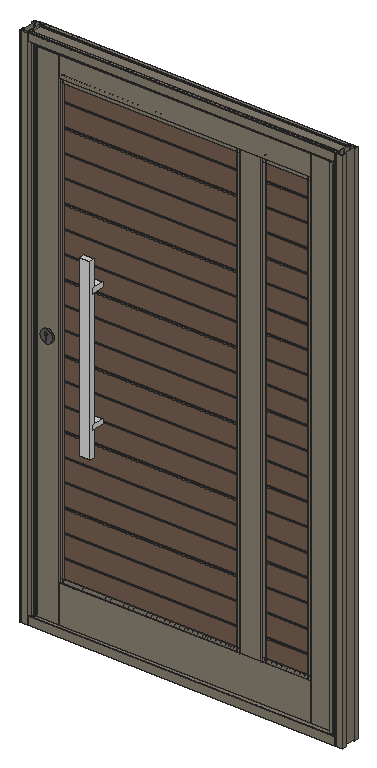
Revit family "Y1321P Y4 BZ K RH", category Doors, host Wall, Revit 2024
Family settings
  Host = Wall
  OmniClass Number = 23.30.10.00
  OmniClass Title = Doors
  Always vertical = Yes
  Cut with Voids When Loaded = No
  Shared = No
  Room Calculation Point = No
Parameters
  Function = Interior
  Frame Projection Ext. = 25 mm
  Frame Projection Int. = 25 mm
  Frame Width = 75 mm
  Height = 2120 mm
  Wall Closure = By host
  Width = 1290 mm
  Analytic Construction = "<None>"
Reference planes
  plane 1: y = 0
  plane 2 "Center (Left/Right)": x = 0
  plane 3 "Left": x = -645
  plane 4 "Right": x = 645
  plane 5: z = 2120
  plane 6 "Exterior": y = 75
  plane 7 "Interior": y = -75
Forms (mm)
  Sweep 1, solid, material "BRONZE ALUMINIUM MANUAL"
    path origin (0, 75, 0) x (1, 0, 0) y (0, 0, 1)
      loop
        line (-601.2, 30) -> (-601.2, 2075) -> (600, 2075) -> (600, 30)
    profile origin (-0.6, 75, 2075) x (0, 0, 1) y (0, -1, 0)
      loop
        line (15, 55) -> (2.8, 55) -> (2.8, 61.5) -> (0.5, 61.5) -> (0.5, 88.5) -> (2.8, 88.5) -> (2.8, 95) -> (15, 95) -> (15, 97) -> (-0.5, 97)
        arc (-0.5, 97) -> (-1.207, 96.707) -> (-1.5, 96) r 1
        line (-1.5, 96) -> (-1.5, 93.9) -> (-0.5, 93.9) -> (-0.5, 95) -> (1, 95) -> (1, 90.5) -> (-0.5, 90.5) -> (-0.5, 91.631) -> (-1.5, 91.631) -> (-1.5, 58.369) -> (-0.5, 58.369) -> (-0.5, 59.5) -> (1, 59.5) -> (1, 55) -> (-0.5, 55) -> (-0.5, 56.1) -> (-1.5, 56.1) -> (-1.5, 54)
        arc (-1.5, 54) -> (-1.207, 53.293) -> (-0.5, 53) r 1
        line (-0.5, 53) -> (15, 53) -> (15, 55)
  Extrusion 2, solid, material "BRONZE ALUMINIUM MANUAL"
    sketch origin (0, 0, 0) x (0, 1, 0) y (0, 0, 1)
      loop
        line (37.5, 2120) -> (22, 2120) -> (22, 2118.5) -> (24.5, 2118.5) -> (24.5, 2115.5) -> (-24.5, 2115.5) -> (-24.5, 2118.5) -> (-22, 2118.5) -> (-22, 2120) -> (-37.5, 2120) -> (-37.5, 2090) -> (-4.189, 2090) -> (7.651, 2090) -> (37.5, 2090) -> (37.5, 2120)
      loop
        line (32.168, 2118.2) -> (30.896, 2116.928) -> (29.5, 2118.324) -> (28, 2116.824) -> (26.3, 2118.524) -> (26.3, 2115.8)
        arc (26.3, 2115.8) -> (25.685, 2114.315) -> (24.2, 2113.7) r 2.1
        line (24.2, 2113.7) -> (-24.2, 2113.7)
        arc (-24.2, 2113.7) -> (-25.685, 2114.315) -> (-26.3, 2115.8) r 2.1
        line (-26.3, 2115.8) -> (-26.3, 2118.524) -> (-28, 2116.824) -> (-29.5, 2118.324) -> (-30.896, 2116.928) -> (-32.168, 2118.2) -> (-35.6, 2118.2) -> (-35.6, 2091.8) -> (-32.168, 2091.8) -> (-30.896, 2093.072) -> (-29.5, 2091.676) -> (-28, 2093.176) -> (-26.624, 2091.8) -> (-19.438, 2091.8) -> (26.624, 2091.8) -> (28, 2093.176) -> (29.5, 2091.676) -> (30.896, 2093.072) -> (32.168, 2091.8) -> (35.6, 2091.8) -> (35.6, 2118.2) -> (32.168, 2118.2)
      loop
        line (37.5, 0) -> (37.5, 30) -> (7.651, 30) -> (-4.189, 30) -> (-37.5, 30) -> (-37.5, 0) -> (-22, 0) -> (-22, 1.5) -> (-24.5, 1.5) -> (-24.5, 4.5) -> (24.5, 4.5) -> (24.5, 1.5) -> (22, 1.5) -> (22, 0) -> (37.5, 0)
      loop
        line (32.168, 1.8) -> (35.6, 1.8) -> (35.6, 28.2) -> (32.168, 28.2) -> (30.896, 26.928) -> (29.5, 28.324) -> (28, 26.824) -> (26.624, 28.2) -> (-19.438, 28.2) -> (-26.624, 28.2) -> (-28, 26.824) -> (-29.5, 28.324) -> (-30.896, 26.928) -> (-32.168, 28.2) -> (-35.6, 28.2) -> (-35.6, 1.8) -> (-32.168, 1.8) -> (-30.896, 3.072) -> (-29.5, 1.676) -> (-28, 3.176) -> (-26.3, 1.476) -> (-26.3, 4.2)
        arc (-26.3, 4.2) -> (-25.685, 5.685) -> (-24.2, 6.3) r 2.1
        line (-24.2, 6.3) -> (24.2, 6.3)
        arc (24.2, 6.3) -> (25.685, 5.685) -> (26.3, 4.2) r 2.1
        line (26.3, 4.2) -> (26.3, 1.476) -> (28, 3.176) -> (29.5, 1.676) -> (30.896, 3.072) -> (32.168, 1.8)
    from -615 to 615
  Extrusion 3, solid, material "BRONZE ALUMINIUM MANUAL"
    sketch origin (0, 0, 30) x (1, 0, 0) y (0, 1, 0)
      loop
        arc (598.5, 21) -> (597.5, 22) -> (596.5, 21) r 1
        line (596.5, 21) -> (596.5, -21.179)
        arc (596.5, -21.179) -> (596.26, -21.76) -> (595.679, -22) r 0.821
        line (595.679, -22) -> (584.5, -22)
        arc (584.5, -22) -> (583.5, -23) -> (584.5, -24) r 1
        line (584.5, -24) -> (597.679, -24)
        arc (597.679, -24) -> (598.26, -23.76) -> (598.5, -23.179) r 0.821
        line (598.5, -23.179) -> (598.5, 21)
      loop
        arc (-599.7, -21) -> (-598.7, -22) -> (-597.7, -21) r 1
        line (-597.7, -21) -> (-597.7, 21.179)
        arc (-597.7, 21.179) -> (-597.459, 21.76) -> (-596.879, 22) r 0.821
        line (-596.879, 22) -> (-585.7, 22)
        arc (-585.7, 22) -> (-584.7, 23) -> (-585.7, 24) r 1
        line (-585.7, 24) -> (-598.879, 24)
        arc (-598.879, 24) -> (-599.459, 23.76) -> (-599.7, 23.179) r 0.821
        line (-599.7, 23.179) -> (-599.7, -21)
    from 0 to 2043.5
  Extrusion 4, solid, material "BRONZE ALUMINIUM MANUAL"
    sketch origin (0, 0, 0) x (1, 0, 0) y (0, 1, 0)
      loop
        line (-645, 37.5) -> (-645, 22) -> (-643.5, 22) -> (-643.5, 24.5) -> (-640.5, 24.5) -> (-640.5, -24.5) -> (-643.5, -24.5) -> (-643.5, -22) -> (-645, -22) -> (-645, -37.5) -> (-615, -37.5) -> (-615, -17) -> (-615.993, -17) -> (-616.394, -18.496) -> (-617.6, -18.496) -> (-617.6, -0.254) -> (-616.306, -0.254) -> (-616.066, -3) -> (-615, -3) -> (-615, 37.5) -> (-645, 37.5)
      loop
        line (-616.8, 26.624) -> (-618.176, 28) -> (-616.676, 29.5) -> (-618.072, 30.896) -> (-616.8, 32.168) -> (-616.8, 35.6) -> (-643.2, 35.6) -> (-643.2, 32.168) -> (-641.928, 30.896) -> (-643.324, 29.5) -> (-641.824, 28) -> (-643.524, 26.3) -> (-640.8, 26.3)
        arc (-640.8, 26.3) -> (-639.315, 25.685) -> (-638.7, 24.2) r 2.1
        line (-638.7, 24.2) -> (-638.7, -24.2)
        arc (-638.7, -24.2) -> (-639.315, -25.685) -> (-640.8, -26.3) r 2.1
        line (-640.8, -26.3) -> (-643.524, -26.3) -> (-641.824, -28) -> (-643.324, -29.5) -> (-641.928, -30.896) -> (-643.2, -32.168) -> (-643.2, -35.6) -> (-616.8, -35.6) -> (-616.8, -32.168) -> (-618.072, -30.896) -> (-616.676, -29.5) -> (-618.176, -28) -> (-616.8, -26.624) -> (-616.8, -20.239)
        arc (-616.8, -20.239) -> (-618.596, -19.852) -> (-619.4, -18.2) r 2.1
        line (-619.4, -18.2) -> (-619.4, -0.55)
        arc (-619.4, -0.55) -> (-618.596, 1.102) -> (-616.8, 1.49) r 2.1
        line (-616.8, 1.49) -> (-616.8, 26.624)
      loop
        line (645, 37.5) -> (615, 37.5) -> (615, -3) -> (616.066, -3) -> (616.306, -0.254) -> (617.6, -0.254) -> (617.6, -18.496) -> (616.394, -18.496) -> (615.993, -17) -> (615, -17) -> (615, -37.5) -> (645, -37.5) -> (645, -22) -> (643.5, -22) -> (643.5, -24.5) -> (640.5, -24.5) -> (640.5, 24.5) -> (643.5, 24.5) -> (643.5, 22) -> (645, 22) -> (645, 37.5)
      loop
        line (616.8, 26.624) -> (616.8, 1.49)
        arc (616.8, 1.49) -> (618.596, 1.102) -> (619.4, -0.55) r 2.1
        line (619.4, -0.55) -> (619.4, -18.2)
        arc (619.4, -18.2) -> (618.596, -19.852) -> (616.8, -20.239) r 2.1
        line (616.8, -20.239) -> (616.8, -26.624) -> (618.176, -28) -> (616.676, -29.5) -> (618.072, -30.896) -> (616.8, -32.168) -> (616.8, -35.6) -> (643.2, -35.6) -> (643.2, -32.168) -> (641.928, -30.896) -> (643.324, -29.5) -> (641.824, -28) -> (643.524, -26.3) -> (640.8, -26.3)
        arc (640.8, -26.3) -> (639.315, -25.685) -> (638.7, -24.2) r 2.1
        line (638.7, -24.2) -> (638.7, 24.2)
        arc (638.7, 24.2) -> (639.315, 25.685) -> (640.8, 26.3) r 2.1
        line (640.8, 26.3) -> (643.524, 26.3) -> (641.824, 28) -> (643.324, 29.5) -> (641.928, 30.896) -> (643.2, 32.168) -> (643.2, 35.6) -> (616.8, 35.6) -> (616.8, 32.168) -> (618.072, 30.896) -> (616.676, 29.5) -> (618.176, 28) -> (616.8, 26.624)
    from 0 to 2120
  Extrusion 5, solid, material "BRONZE ALUMINIUM MANUAL"
    sketch origin (0, 0, -6.5) x (-1, 0, 0) y (0, -1, 0)
      loop
        line (503.5, -22) -> (591.7, -22)
        arc (591.7, -22) -> (592.973, -21.473) -> (593.5, -20.2) r 1.8
        line (593.5, -20.2) -> (593.5, -19.4)
        arc (593.5, -19.4) -> (593, -18.9) -> (592.5, -19.4) r 0.5
        line (592.5, -19.4) -> (592.5, -20.4) -> (591, -20.4) -> (591, -12.8) -> (592.5, -12.8) -> (592.5, -13.8)
        arc (592.5, -13.8) -> (593, -14.3) -> (593.5, -13.8) r 0.5
        line (593.5, -13.8) -> (593.5, 13.8)
        arc (593.5, 13.8) -> (593, 14.3) -> (592.5, 13.8) r 0.5
        line (592.5, 13.8) -> (592.5, 12.8) -> (591, 12.8) -> (591, 20.4) -> (592.5, 20.4) -> (592.5, 19.4)
        arc (592.5, 19.4) -> (593, 18.9) -> (593.5, 19.4) r 0.5
        line (593.5, 19.4) -> (593.5, 20.2)
        arc (593.5, 20.2) -> (592.973, 21.473) -> (591.7, 22) r 1.8
        line (591.7, 22) -> (503.5, 22) -> (503.5, 17) -> (488.5, 17) -> (488.5, 14) -> (489.7, 14) -> (489.7, 15.6) -> (492.2, 15.6) -> (492.893, 15.2) -> (503.5, 15.2) -> (503.5, 2) -> (504.475, 2) -> (504.737, 5) -> (506.1, 5) -> (506.1, -6.618) -> (506.1, -13.5) -> (504.606, -13.5) -> (504.475, -12) -> (503.5, -12) -> (503.5, -22)
      loop
        line (589.2, -20.2) -> (589.2, -12.2)
        arc (589.2, -12.2) -> (589.493, -11.493) -> (590.2, -11.2) r 1
        line (590.2, -11.2) -> (591.5, -11.2) -> (591.5, 11.2) -> (590.2, 11.2)
        arc (590.2, 11.2) -> (589.493, 11.493) -> (589.2, 12.2) r 1
        line (589.2, 12.2) -> (589.2, 20.2) -> (505.3, 20.2) -> (505.3, 17.092) -> (505.3, 6.8) -> (506.5, 6.8)
        arc (506.5, 6.8) -> (507.49, 6.39) -> (507.9, 5.4) r 1.4
        line (507.9, 5.4) -> (507.9, -13.9)
        arc (507.9, -13.9) -> (507.49, -14.89) -> (506.5, -15.3) r 1.4
        line (506.5, -15.3) -> (505.3, -15.3) -> (505.3, -20.2) -> (589.2, -20.2)
      loop
        line (-503.5, -22) -> (-503.5, -12) -> (-504.475, -12) -> (-504.606, -13.5) -> (-506.1, -13.5) -> (-506.1, -7.077) -> (-506.1, 5) -> (-504.737, 5) -> (-504.475, 2) -> (-503.5, 2) -> (-503.5, 15.2) -> (-492.893, 15.2) -> (-492.2, 15.6) -> (-489.7, 15.6) -> (-489.7, 14) -> (-488.5, 14) -> (-488.5, 17) -> (-503.5, 17) -> (-503.5, 22) -> (-591.7, 22)
        arc (-591.7, 22) -> (-592.973, 21.473) -> (-593.5, 20.2) r 1.8
        line (-593.5, 20.2) -> (-593.5, 19.4)
        arc (-593.5, 19.4) -> (-593, 18.9) -> (-592.5, 19.4) r 0.5
        line (-592.5, 19.4) -> (-592.5, 20.4) -> (-591, 20.4) -> (-591, 12.8) -> (-592.5, 12.8) -> (-592.5, 13.8)
        arc (-592.5, 13.8) -> (-593, 14.3) -> (-593.5, 13.8) r 0.5
        line (-593.5, 13.8) -> (-593.5, -13.8)
        arc (-593.5, -13.8) -> (-593, -14.3) -> (-592.5, -13.8) r 0.5
        line (-592.5, -13.8) -> (-592.5, -12.8) -> (-591, -12.8) -> (-591, -20.4) -> (-592.5, -20.4) -> (-592.5, -19.4)
        arc (-592.5, -19.4) -> (-593, -18.9) -> (-593.5, -19.4) r 0.5
        line (-593.5, -19.4) -> (-593.5, -20.2)
        arc (-593.5, -20.2) -> (-592.973, -21.473) -> (-591.7, -22) r 1.8
        line (-591.7, -22) -> (-503.5, -22)
      loop
        line (-589.2, -20.2) -> (-505.3, -20.2) -> (-505.3, -15.3) -> (-506.5, -15.3)
        arc (-506.5, -15.3) -> (-507.49, -14.89) -> (-507.9, -13.9) r 1.4
        line (-507.9, -13.9) -> (-507.9, 5.4)
        arc (-507.9, 5.4) -> (-507.49, 6.39) -> (-506.5, 6.8) r 1.4
        line (-506.5, 6.8) -> (-505.3, 6.8) -> (-505.3, 17.092) -> (-505.3, 20.2) -> (-589.2, 20.2) -> (-589.2, 12.2)
        arc (-589.2, 12.2) -> (-589.493, 11.493) -> (-590.2, 11.2) r 1
        line (-590.2, 11.2) -> (-591.5, 11.2) -> (-591.5, -11.2) -> (-590.2, -11.2)
        arc (-590.2, -11.2) -> (-589.493, -11.493) -> (-589.2, -12.2) r 1
        line (-589.2, -12.2) -> (-589.2, -20.2)
    from 40 to 2080
  Sweep 6, solid, material "BRONZE ALUMINIUM MANUAL"
    path origin (0, 75, -6.5) x (-1, 0, 0) y (0, 0, -1)
      loop
        line (503.5, -1996.1) -> (503.5, -190) -> (-220, -190) -> (-220, -1996.1) -> (503.5, -1996.1)
    profile origin (-141.75, 75, 1989.6) x (0, 0, 1) y (0, -1, 0)
      loop
        line (0, 53.6) -> (0, 63) -> (1.1, 63)
        arc (1.1, 63) -> (1.85, 62.492) -> (2.6, 63) r 0.808
        line (2.6, 63) -> (2.6, 79)
        arc (2.6, 79) -> (2.1, 79.5) -> (1.6, 79) r 0.5
        line (1.6, 79) -> (1.6, 75.5) -> (0.6, 75.5) -> (0.6, 65) -> (-1.9, 65) -> (-1.9, 55) -> (-6.3, 55) -> (-6.9, 58) -> (-8.9, 58) -> (-8.9, 57) -> (-7.9, 57) -> (-7.5, 55) -> (-11.8, 55) -> (-11.4, 57) -> (-10.4, 57) -> (-10.4, 58) -> (-12.4, 58) -> (-13, 55) -> (-14.4, 55) -> (-14.4, 57.5)
        arc (-14.4, 57.5) -> (-14.9, 58) -> (-15.4, 57.5) r 0.5
        line (-15.4, 57.5) -> (-15.4, 53.6)
        arc (-15.4, 53.6) -> (-15.224, 53.176) -> (-14.8, 53) r 0.6
        line (-14.8, 53) -> (-0.6, 53)
        arc (-0.6, 53) -> (-0.176, 53.176) -> (0, 53.6) r 0.6
  Sweep 7, solid, material "BRONZE ALUMINIUM MANUAL"
    path origin (0.008, 75, 1533.5) x (-1, 0, 0) y (0, 0, -1)
      loop
        line (-304.992, -455) -> (-304.992, 1350) -> (-503.5, 1350) -> (-503.5, -455) -> (-304.992, -455)
    profile origin (404.254, 75, 1988.5) x (0, 0, 1) y (0, -1, 0)
      loop
        line (0, 53.6) -> (0, 63) -> (1.1, 63)
        arc (1.1, 63) -> (1.85, 62.492) -> (2.6, 63) r 0.808
        line (2.6, 63) -> (2.6, 79)
        arc (2.6, 79) -> (2.1, 79.5) -> (1.6, 79) r 0.5
        line (1.6, 79) -> (1.6, 75.5) -> (0.6, 75.5) -> (0.6, 65) -> (-1.9, 65) -> (-1.9, 55) -> (-6.3, 55) -> (-6.9, 58) -> (-8.9, 58) -> (-8.9, 57) -> (-7.9, 57) -> (-7.5, 55) -> (-11.8, 55) -> (-11.4, 57) -> (-10.4, 57) -> (-10.4, 58) -> (-12.4, 58) -> (-13, 55) -> (-14.4, 55) -> (-14.4, 57.5)
        arc (-14.4, 57.5) -> (-14.9, 58) -> (-15.4, 57.5) r 0.5
        line (-15.4, 57.5) -> (-15.4, 53.6)
        arc (-15.4, 53.6) -> (-15.224, 53.176) -> (-14.8, 53) r 0.6
        line (-14.8, 53) -> (-0.6, 53)
        arc (-0.6, 53) -> (-0.176, 53.176) -> (0, 53.6) r 0.6
  Extrusion 8, solid, material "ALUMINIUM BLACK (TEST)"
    sketch origin (350.722, 27.873, -83.123) x (1, 0, 0) y (0, 0, 1)
      loop
        circle (-896.954, 1135.623) r 25
    from 0 to 5
  Extrusion 9, solid, material "ALUMINIUM BLACK (TEST)"
    sketch origin (350.722, -27.873, -83.123) x (1, 0, 0) y (0, 0, -1)
      loop
        circle (-896.954, -1135.623) r 25
    from 0 to 5
  Extrusion 10, void
    sketch origin (85.5, 67.873, -83.123) x (1, 0, 0) y (0, 0, 1)
      loop
        arc (-634.732, 1122.18) -> (-631.732, 1119.18) -> (-628.732, 1122.18) r 3
        line (-628.732, 1122.18) -> (-628.732, 1136.773)
        arc (-628.732, 1136.773) -> (-631.732, 1150.865) -> (-634.732, 1136.773) r 7.365
        line (-634.732, 1136.773) -> (-634.732, 1122.18)
    from 40 to 45
  Extrusion 11, void
    sketch origin (85.5, -67.873, -83.123) x (1, 0, 0) y (0, 0, -1)
      loop
        line (-634.732, -1122.18) -> (-634.732, -1136.773)
        arc (-634.732, -1136.773) -> (-631.732, -1150.865) -> (-628.732, -1136.773) r 7.365
        line (-628.732, -1136.773) -> (-628.732, -1122.18)
        arc (-628.732, -1122.18) -> (-631.732, -1119.18) -> (-634.732, -1122.18) r 3
    from 40 to 45
  Extrusion 12, solid, material "BRONZE ALUMINIUM MANUAL"
    sketch origin (-4982.033, 0, 3177.001) x (0, -1, 0) y (1, 0, 0)
      loop
        line (22, 5202.033) -> (22, 5287.033) -> (17, 5287.033) -> (17, 5302.033) -> (14, 5302.033) -> (14, 5300.833) -> (15.6, 5300.833) -> (15.6, 5298.333) -> (15.2, 5297.641) -> (15.2, 5287.033) -> (2, 5287.033) -> (2, 5286.058) -> (5, 5285.796) -> (5, 5284.433) -> (-13.5, 5284.433) -> (-13.5, 5285.927) -> (-12, 5286.058) -> (-12, 5287.033) -> (-22, 5287.033) -> (-22, 5202.033) -> (-12, 5202.033) -> (-12, 5203.008) -> (-13.5, 5203.139) -> (-13.5, 5204.633) -> (5, 5204.633) -> (5, 5203.271) -> (2, 5203.008) -> (2, 5202.033) -> (15.2, 5202.033) -> (15.2, 5191.133) -> (15.6, 5190.441) -> (15.6, 5188.233) -> (14, 5188.233) -> (14, 5187.033) -> (17, 5187.033) -> (17, 5202.033) -> (22, 5202.033)
      loop
        line (20.2, 5285.233) -> (6.8, 5285.233) -> (6.8, 5284.033)
        arc (6.8, 5284.033) -> (6.39, 5283.043) -> (5.4, 5282.633) r 1.4
        line (5.4, 5282.633) -> (-13.9, 5282.633)
        arc (-13.9, 5282.633) -> (-14.89, 5283.043) -> (-15.3, 5284.033) r 1.4
        line (-15.3, 5284.033) -> (-15.3, 5285.233) -> (-20.2, 5285.233) -> (-20.2, 5203.833) -> (-15.3, 5203.833) -> (-15.3, 5205.033)
        arc (-15.3, 5205.033) -> (-14.89, 5206.023) -> (-13.9, 5206.433) r 1.4
        line (-13.9, 5206.433) -> (5.4, 5206.433)
        arc (5.4, 5206.433) -> (6.39, 5206.023) -> (6.8, 5205.033) r 1.4
        line (6.8, 5205.033) -> (6.8, 5203.833) -> (16.581, 5203.833) -> (20.2, 5203.833) -> (20.2, 5285.233)
    from -2993.501 to -1188.501
  Extrusion 13, solid, material "BRONZE ALUMINIUM MANUAL"
    sketch origin (0, 0, -6.5) x (0, 1, 0) y (0, 0, -1)
      loop
        line (20.25, -77.453) -> (19.7, -76.5) -> (19.7, -73.5) -> (20.25, -72.547) -> (20.25, -61.8) -> (-20.25, -61.8) -> (-20.25, -72.547) -> (-19.7, -73.5) -> (-19.7, -76.5) -> (-20.25, -77.453) -> (-20.25, -172.747) -> (-19.7, -173.7) -> (-19.7, -176.7) -> (-20.25, -177.653) -> (-20.25, -188.2) -> (-6.55, -188.2) -> (-6.55, -185.6) -> (15.3, -185.6) -> (15.3, -188.2) -> (20.25, -188.2) -> (20.25, -177.653) -> (19.7, -176.7) -> (19.7, -173.7) -> (20.25, -172.747) -> (20.25, -77.453)
      loop
        line (19.7, -60) -> (-19.7, -60) -> (-19.7, -57) -> (-20.25, -56.047) -> (-20.25, -43.6) -> (-17.1, -43.6) -> (-17.1, -42) -> (-20.2, -42) -> (-20.2, -40) -> (-22, -40) -> (-22, -190) -> (-17, -190) -> (-17, -205) -> (-14, -205) -> (-14, -203.8) -> (-15.6, -203.8) -> (-15.6, -201.3) -> (-15.2, -200.607) -> (-15.2, -190) -> (-2, -190) -> (-2, -188.934) -> (-4.75, -188.693) -> (-4.75, -187.4) -> (13.5, -187.4) -> (13.5, -188.605) -> (12, -189.007) -> (12, -190) -> (22, -190) -> (22, -40) -> (20.2, -40) -> (20.2, -42) -> (17.1, -42) -> (17.1, -43.6) -> (20.25, -43.6) -> (20.25, -56.047) -> (19.7, -57) -> (19.7, -60)
      loop
        line (-22, -2080) -> (-20.2, -2080) -> (-20.2, -2078) -> (-17.1, -2078) -> (-17.1, -2076.4) -> (-20.25, -2076.4) -> (-20.25, -2063.953) -> (-19.7, -2063) -> (-19.7, -2060) -> (19.7, -2060) -> (19.7, -2063) -> (20.25, -2063.953) -> (20.25, -2076.4) -> (17.1, -2076.4) -> (17.1, -2078) -> (20.2, -2078) -> (20.2, -2080) -> (22, -2080) -> (22, -1995) -> (12, -1995) -> (12, -1995.993) -> (13.5, -1996.395) -> (13.5, -1997.6) -> (-4.75, -1997.6) -> (-4.75, -1996.307) -> (-2, -1996.066) -> (-2, -1995) -> (-15.2, -1995) -> (-15.2, -1984.393) -> (-15.6, -1983.7) -> (-15.6, -1981.2) -> (-14, -1981.2) -> (-14, -1980) -> (-17, -1980) -> (-17, -1995) -> (-22, -1995) -> (-22, -2080)
      loop
        line (-20.25, -2042.547) -> (-19.7, -2043.5) -> (-19.7, -2046.5) -> (-20.25, -2047.453) -> (-20.25, -2058.2) -> (20.25, -2058.2) -> (20.25, -2047.453) -> (19.7, -2046.5) -> (19.7, -2043.5) -> (20.25, -2042.547) -> (20.25, -2012.253) -> (19.7, -2011.3) -> (19.7, -2008.3) -> (20.25, -2007.347) -> (20.25, -1996.8) -> (15.3, -1996.8) -> (15.3, -1999.4) -> (-6.55, -1999.4) -> (-6.55, -1996.8) -> (-20.25, -1996.8) -> (-20.25, -2007.347) -> (-19.7, -2008.3) -> (-19.7, -2011.3) -> (-20.25, -2012.253) -> (-20.25, -2042.547)
    from -503.5 to 503.5
  Extrusion 14, solid, material "KIAAT (TEST 1)"
    sketch origin (0.008, 114.915, -6.5) x (0, 1, 0) y (0, 0, -1)
      loop
        line (-104.915, -272.7) -> (-104.915, -190) -> (-126.915, -190) -> (-126.915, -272.7) -> (-119.415, -272.7) -> (-119.415, -280.7) -> (-126.915, -280.7) -> (-126.915, -363.4) -> (-119.415, -363.4) -> (-119.415, -371.4) -> (-126.915, -371.4) -> (-126.915, -454.1) -> (-119.415, -454.1) -> (-119.415, -462.1) -> (-126.915, -462.1) -> (-126.915, -544.8) -> (-119.415, -544.8) -> (-119.415, -552.8) -> (-126.915, -552.8) -> (-126.915, -635.5) -> (-119.415, -635.5) -> (-119.415, -643.5) -> (-126.915, -643.5) -> (-126.915, -726.2) -> (-119.415, -726.2) -> (-119.415, -734.2) -> (-126.915, -734.2) -> (-126.915, -816.9) -> (-119.415, -816.9) -> (-119.415, -824.9) -> (-126.915, -824.9) -> (-126.915, -907.6) -> (-119.415, -907.6) -> (-119.415, -915.6) -> (-126.915, -915.6) -> (-126.915, -998.3) -> (-119.415, -998.3) -> (-119.415, -1006.3) -> (-126.915, -1006.3) -> (-126.915, -1089) -> (-119.415, -1089) -> (-119.415, -1097) -> (-126.915, -1097) -> (-126.915, -1179.7) -> (-119.415, -1179.7) -> (-119.415, -1187.7) -> (-126.915, -1187.7) -> (-126.915, -1270.4) -> (-119.415, -1270.4) -> (-119.415, -1278.4) -> (-126.915, -1278.4) -> (-126.915, -1361.1) -> (-119.415, -1361.1) -> (-119.415, -1369.1) -> (-126.915, -1369.1) -> (-126.915, -1451.8) -> (-119.415, -1451.8) -> (-119.415, -1459.8) -> (-126.915, -1459.8) -> (-126.915, -1542.5) -> (-119.415, -1542.5) -> (-119.415, -1550.5) -> (-126.915, -1550.5) -> (-126.915, -1633.2) -> (-119.415, -1633.2) -> (-119.415, -1641.2) -> (-126.915, -1641.2) -> (-126.915, -1723.9) -> (-119.415, -1723.9) -> (-119.415, -1731.9) -> (-126.915, -1731.9) -> (-126.915, -1814.6) -> (-119.415, -1814.6) -> (-119.415, -1822.6) -> (-126.915, -1822.6) -> (-126.915, -1905.3) -> (-119.415, -1905.3) -> (-119.415, -1913.3) -> (-126.915, -1913.3) -> (-126.915, -1995) -> (-104.915, -1995) -> (-104.915, -1913.3) -> (-112.415, -1913.3) -> (-112.415, -1905.3) -> (-104.915, -1905.3) -> (-104.915, -1822.6) -> (-112.415, -1822.6) -> (-112.415, -1814.6) -> (-104.915, -1814.6) -> (-104.915, -1731.9) -> (-112.415, -1731.9) -> (-112.415, -1723.9) -> (-104.915, -1723.9) -> (-104.915, -1641.2) -> (-112.415, -1641.2) -> (-112.415, -1633.2) -> (-104.915, -1633.2) -> (-104.915, -1550.5) -> (-112.415, -1550.5) -> (-112.415, -1542.5) -> (-104.915, -1542.5) -> (-104.915, -1459.8) -> (-112.415, -1459.8) -> (-112.415, -1451.8) -> (-104.915, -1451.8) -> (-104.915, -1369.1) -> (-112.415, -1369.1) -> (-112.415, -1361.1) -> (-104.915, -1361.1) -> (-104.915, -1278.4) -> (-112.415, -1278.4) -> (-112.415, -1270.4) -> (-104.915, -1270.4) -> (-104.915, -1187.7) -> (-112.415, -1187.7) -> (-112.415, -1179.7) -> (-104.915, -1179.7) -> (-104.915, -1097) -> (-112.415, -1097) -> (-112.415, -1089) -> (-104.915, -1089) -> (-104.915, -1006.3) -> (-112.415, -1006.3) -> (-112.415, -998.3) -> (-104.915, -998.3) -> (-104.915, -915.6) -> (-112.415, -915.6) -> (-112.415, -907.6) -> (-104.915, -907.6) -> (-104.915, -824.9) -> (-112.415, -824.9) -> (-112.415, -816.9) -> (-104.915, -816.9) -> (-104.915, -734.2) -> (-112.415, -734.2) -> (-112.415, -726.2) -> (-104.915, -726.2) -> (-104.915, -643.5) -> (-112.415, -643.5) -> (-112.415, -635.5) -> (-104.915, -635.5) -> (-104.915, -552.8) -> (-112.415, -552.8) -> (-112.415, -544.8) -> (-104.915, -544.8) -> (-104.915, -462.1) -> (-112.415, -462.1) -> (-112.415, -454.1) -> (-104.915, -454.1) -> (-104.915, -371.4) -> (-112.415, -371.4) -> (-112.415, -363.4) -> (-104.915, -363.4) -> (-104.915, -280.7) -> (-112.415, -280.7) -> (-112.415, -272.7) -> (-104.915, -272.7)
    from -219.992 to 503.508
  Extrusion 15, solid, material "KIAAT (TEST 1)"
    sketch origin (407.255, 114.915, -6.5) x (0, 1, 0) y (0, 0, -1)
      loop
        line (-104.915, -272.7) -> (-104.915, -190) -> (-126.915, -190) -> (-126.915, -272.7) -> (-119.415, -272.7) -> (-119.415, -280.7) -> (-126.915, -280.7) -> (-126.915, -363.4) -> (-119.415, -363.4) -> (-119.415, -371.4) -> (-126.915, -371.4) -> (-126.915, -454.1) -> (-119.415, -454.1) -> (-119.415, -462.1) -> (-126.915, -462.1) -> (-126.915, -544.8) -> (-119.415, -544.8) -> (-119.415, -552.8) -> (-126.915, -552.8) -> (-126.915, -635.5) -> (-119.415, -635.5) -> (-119.415, -643.5) -> (-126.915, -643.5) -> (-126.915, -726.2) -> (-119.415, -726.2) -> (-119.415, -734.2) -> (-126.915, -734.2) -> (-126.915, -816.9) -> (-119.415, -816.9) -> (-119.415, -824.9) -> (-126.915, -824.9) -> (-126.915, -907.6) -> (-119.415, -907.6) -> (-119.415, -915.6) -> (-126.915, -915.6) -> (-126.915, -998.3) -> (-119.415, -998.3) -> (-119.415, -1006.3) -> (-126.915, -1006.3) -> (-126.915, -1089) -> (-119.415, -1089) -> (-119.415, -1097) -> (-126.915, -1097) -> (-126.915, -1179.7) -> (-119.415, -1179.7) -> (-119.415, -1187.7) -> (-126.915, -1187.7) -> (-126.915, -1270.4) -> (-119.415, -1270.4) -> (-119.415, -1278.4) -> (-126.915, -1278.4) -> (-126.915, -1361.1) -> (-119.415, -1361.1) -> (-119.415, -1369.1) -> (-126.915, -1369.1) -> (-126.915, -1451.8) -> (-119.415, -1451.8) -> (-119.415, -1459.8) -> (-126.915, -1459.8) -> (-126.915, -1542.5) -> (-119.415, -1542.5) -> (-119.415, -1550.5) -> (-126.915, -1550.5) -> (-126.915, -1633.2) -> (-119.415, -1633.2) -> (-119.415, -1641.2) -> (-126.915, -1641.2) -> (-126.915, -1723.9) -> (-119.415, -1723.9) -> (-119.415, -1731.9) -> (-126.915, -1731.9) -> (-126.915, -1814.6) -> (-119.415, -1814.6) -> (-119.415, -1822.6) -> (-126.915, -1822.6) -> (-126.915, -1905.3) -> (-119.415, -1905.3) -> (-119.415, -1913.3) -> (-126.915, -1913.3) -> (-126.915, -1995) -> (-104.915, -1995) -> (-104.915, -1913.3) -> (-112.415, -1913.3) -> (-112.415, -1905.3) -> (-104.915, -1905.3) -> (-104.915, -1822.6) -> (-112.415, -1822.6) -> (-112.415, -1814.6) -> (-104.915, -1814.6) -> (-104.915, -1731.9) -> (-112.415, -1731.9) -> (-112.415, -1723.9) -> (-104.915, -1723.9) -> (-104.915, -1641.2) -> (-112.415, -1641.2) -> (-112.415, -1633.2) -> (-104.915, -1633.2) -> (-104.915, -1550.5) -> (-112.415, -1550.5) -> (-112.415, -1542.5) -> (-104.915, -1542.5) -> (-104.915, -1459.8) -> (-112.415, -1459.8) -> (-112.415, -1451.8) -> (-104.915, -1451.8) -> (-104.915, -1369.1) -> (-112.415, -1369.1) -> (-112.415, -1361.1) -> (-104.915, -1361.1) -> (-104.915, -1278.4) -> (-112.415, -1278.4) -> (-112.415, -1270.4) -> (-104.915, -1270.4) -> (-104.915, -1187.7) -> (-112.415, -1187.7) -> (-112.415, -1179.7) -> (-104.915, -1179.7) -> (-104.915, -1097) -> (-112.415, -1097) -> (-112.415, -1089) -> (-104.915, -1089) -> (-104.915, -1006.3) -> (-112.415, -1006.3) -> (-112.415, -998.3) -> (-104.915, -998.3) -> (-104.915, -915.6) -> (-112.415, -915.6) -> (-112.415, -907.6) -> (-104.915, -907.6) -> (-104.915, -824.9) -> (-112.415, -824.9) -> (-112.415, -816.9) -> (-104.915, -816.9) -> (-104.915, -734.2) -> (-112.415, -734.2) -> (-112.415, -726.2) -> (-104.915, -726.2) -> (-104.915, -643.5) -> (-112.415, -643.5) -> (-112.415, -635.5) -> (-104.915, -635.5) -> (-104.915, -552.8) -> (-112.415, -552.8) -> (-112.415, -544.8) -> (-104.915, -544.8) -> (-104.915, -462.1) -> (-112.415, -462.1) -> (-112.415, -454.1) -> (-104.915, -454.1) -> (-104.915, -371.4) -> (-112.415, -371.4) -> (-112.415, -363.4) -> (-104.915, -363.4) -> (-104.915, -280.7) -> (-112.415, -280.7) -> (-112.415, -272.7) -> (-104.915, -272.7)
    from -96.1 to 102.855
  Extrusion 16, solid, material "Stainless Steel Lever Handle"
    sketch origin (503.242, -71.398, 705) x (1, 0, 0) y (0, 1, 0)
      loop
        line (-878.538, 126.398) -> (-838.538, 126.398) -> (-838.538, 146.398) -> (-878.538, 146.398) -> (-878.538, 126.398)
    from 0 to 710
  Extrusion 17, solid, material "Stainless Steel Lever Handle"
    sketch origin (503.242, 60, -375) x (1, 0, 0) y (0, 0, 1)
      loop
        line (-878.538, 1690) -> (-878.538, 1670) -> (-838.538, 1670) -> (-838.538, 1690) -> (-878.538, 1690)
      loop
        line (-878.538, 1180) -> (-838.538, 1180) -> (-838.538, 1200) -> (-878.538, 1200) -> (-878.538, 1180)
    from 0 to 50
  Extrusion 18, solid, material "Stainless Steel Lever Handle"
    sketch origin (503.242, 69.398, 705) x (1, 0, 0) y (0, 1, 0)
      loop
        line (-878.538, -126.398) -> (-878.538, -146.398) -> (-838.538, -146.398) -> (-838.538, -126.398) -> (-878.538, -126.398)
    from 0 to 710
  Extrusion 19, solid, material "Stainless Steel Lever Handle"
    sketch origin (503.242, -62, -375) x (1, 0, 0) y (0, 0, -1)
      loop
        line (-878.538, -1690) -> (-838.538, -1690) -> (-838.538, -1670) -> (-878.538, -1670) -> (-878.538, -1690)
      loop
        line (-878.538, -1180) -> (-878.538, -1200) -> (-838.538, -1200) -> (-838.538, -1180) -> (-878.538, -1180)
    from 0 to 50
Cuts and joins
  Extrusion 10 cuts Extrusion 8
  Extrusion 11 cuts Extrusion 9
Lines and regions (mm)
  Opening 1
    outline origin (-5000, -75, 0) x (1, 0, 0) y (0, 0, 1)
      loop
        line (4355, 0) -> (5645, 0) -> (5645, 2120) -> (4355, 2120) -> (4355, 0)
  model lines
    curve 1: line (-602.851, 22.5, 0) -> (602.851, 22.5, 0)
    curve 2: line (-603, -13, 0) -> (603, -13, 0)
    curve 8: line (300, -22.5, 0) -> (300, -925.5, 0)
    curve 9: arc (-603, -22.5, 0) -> (-338.517, -661.017, 0) -> (300, -925.5, 0) r 903
    curve 10: line (300, 13, 0) -> (300, 316, 0)
    curve 11: arc (300, 316, 0) -> (514.253, 227.253, 0) -> (603, 13, 0) r 303
    curve 12: line (603, 22.5, 0) -> (-603, 22.5, 0)
    curve 13: line (300, 0, 0) -> (300, 0, 2078)
  symbolic lines, style "Elevation Swing"
    curve 3: line (-645, -75, 1060) -> (300, -75, 2078)
    curve 4: line (-645, -75, 1060) -> (300, -75, 0)
    curve 5: line (598.5, -75, 1060.342) -> (300, -75, 2078)
    curve 6: line (598.5, -75, 1060.342) -> (300, -75, 0)
  model lines, style "Elevation Swing"
    curve 7: line (300, 0, 0) -> (300, 0, 2078)
Text (mm)
  text "Exterior" at (-2295.016, 1099.543, 0), in view "Ref. Level"
  text "Exterior" at (0, 1615.38, 3698.081), in view "Left"
  text "Exterior" at (0, 1036.032, 3874.932), in view "Right"
Dimensions and locks
  equal spacing: plane 3 "Left", plane 2 "Center (Left/Right)", plane 4 "Right"
  "Width": plane 3 "Left" to plane 4 "Right"
  "Height": plane 5 to host wall
  host wall to plane 5 = 2120 mm  (x2)
  locked: plane 6 "Exterior" to host wall
  locked: plane 7 "Interior" to host wall
  plane 3 "Left" to plane 4 "Right" = 1290 mm  (x2)
  aligned and locked: plane 1 to host wall
  aligned and locked: Opening 1 sketch curve to level
Automatic sketch dimensions
  curve 13 to level = 0 mm
  curve 7 to level = 0 mm
  plane 5 to curve 13 = 42 mm
  curve 7 to curve 13 = 0 mm  (x2)
  plane 2 "Center (Left/Right)" to curve 13 = 300 mm
  plane 3 "Left" to curve 4 = 0 mm
  curve 4 to level = 0 mm
  plane 2 "Center (Left/Right)" to curve 4 = 300 mm
  plane 5 to curve 5 = 42 mm
  plane 2 "Center (Left/Right)" to curve 5 = 300 mm
  plane 4 "Right" to curve 6 = 46.5 mm
  level to curve 4 = 1060 mm
  plane 5 to curve 6 = 1059.658 mm
  plane 2 "Center (Left/Right)" to curve 8 = 300 mm
  curve 11 to host wall = 13 mm
  curve 11 to curve 8 = 0 mm
  host wall to curve 9 = 22.5 mm
  host wall to curve 8 = 850.5 mm
  host wall to curve 10 = 241 mm
  curve 1 to plane 3 "Left" = 42.149 mm
  curve 2 to curve 9 = 0 mm
  curve 1 to curve 11 = 0.149 mm
  host wall to curve 2 = 13 mm
  curve 2 to curve 11 = 0 mm
  curve 8 to curve 9 = 0 mm
  curve 10 to curve 11 = 0 mm
  plane 3 "Left" to Opening 1 sketch curve = 0 mm
  plane 4 "Right" to Opening 1 sketch curve = 0 mm
  Opening 1 sketch curve to plane 5 = 0 mm
  Sweep 1 sketch curve to plane 3 "Left" = 43.8 mm
  plane 4 "Right" to Sweep 1 sketch curve = 45 mm
  plane 5 to Sweep 1 sketch curve = 45 mm
  level to Sweep 1 sketch curve = 30 mm  (x2)
  profile plane to Sweep 1 sketch curve = 1.5 mm  (x3)
  profile plane to Sweep 1 sketch curve = 0.5 mm  (x6)
  Sweep 1 sketch curve to profile plane = 0.5 mm
  Sweep 1 sketch curve to profile plane = 1 mm  (x2)
  Sweep 1 sketch curve to Sweep 1 sketch curve = 1.8 mm
  Sweep 1 sketch curve to Sweep 1 sketch curve = 2.3 mm
  Sweep 1 sketch curve to Sweep 1 sketch curve = 12.2 mm  (x2)
  profile plane to Sweep 1 sketch curve = 53 mm
  Sweep 1 sketch curve to Sweep 1 sketch curve = 1 mm  (x3)
  Sweep 1 sketch curve to Sweep 1 sketch curve = 1.1 mm  (x2)
  Sweep 1 sketch curve to Sweep 1 sketch curve = 2.269 mm  (x2)
  Sweep 1 sketch curve to Sweep 1 sketch curve = 1.131 mm  (x2)
  Sweep 1 sketch curve to Sweep 1 sketch curve = 2 mm  (x2)
  Sweep 1 sketch curve to Sweep 1 sketch curve = 27 mm
  Sweep 1 sketch curve to Sweep 1 sketch curve = 6.5 mm
  Extrusion 2 sketch curve to level = 0 mm  (x2)
  plane 5 to Extrusion 2 sketch curve = 0 mm  (x2)
  host wall to Extrusion 2 sketch curve = 37.5 mm  (x2)
  Extrusion 2 sketch curve to Extrusion 2 sketch curve = 1.9 mm  (x4)
  Extrusion 2 sketch curve to Extrusion 2 sketch curve = 3.432 mm  (x6)
  plane 5 to Extrusion 2 sketch curve = 3.072 mm  (x2)
  Extrusion 2 sketch curve to Extrusion 2 sketch curve = 1.272 mm  (x12)
  level to Extrusion 2 sketch curve = 3.072 mm  (x2)
  Extrusion 2 sketch curve to Extrusion 2 sketch curve = 1.396 mm  (x8)
  plane 5 to Extrusion 2 sketch curve = 1.676 mm  (x2)
  level to Extrusion 2 sketch curve = 1.676 mm  (x2)
  plane 5 to Extrusion 2 sketch curve = 3.176 mm  (x2)
  Extrusion 2 sketch curve to Extrusion 2 sketch curve = 1.5 mm  (x6)
  level to Extrusion 2 sketch curve = 3.176 mm  (x2)
  Extrusion 2 sketch curve to Extrusion 2 sketch curve = 1.376 mm  (x4)
  Extrusion 2 sketch curve to Extrusion 2 sketch curve = 1.7 mm  (x4)
  Extrusion 2 sketch curve to Extrusion 2 sketch curve = 1.8 mm  (x5)
  Extrusion 2 sketch curve to Extrusion 2 sketch curve = 0.3 mm  (x6)
  Extrusion 2 sketch curve to Extrusion 2 sketch curve = 2.5 mm  (x2)
  Extrusion 2 sketch curve to Extrusion 2 sketch curve = 7.186 mm  (x2)
  host wall to Extrusion 2 sketch curve = 4.189 mm  (x2)
  Extrusion 2 sketch curve to host wall = 7.651 mm  (x2)
  level to Extrusion 2 sketch curve = 1.5 mm  (x2)
  Extrusion 2 sketch curve to host wall = 22 mm  (x2)
  Extrusion 2 sketch curve to Extrusion 2 sketch curve = 2.2 mm  (x2)
  plane 5 to Extrusion 2 sketch curve = 1.476 mm
  level to Extrusion 2 sketch curve = 1.476 mm
  Extrusion 2 sketch curve to Extrusion 2 sketch curve = 18.973 mm  (x2)
  Extrusion 2 sketch curve to Extrusion 2 sketch curve = 1.024 mm
  Extrusion 2 sketch curve to Extrusion 2 sketch curve = 20.524 mm  (x2)
  Extrusion 2 sketch curve to Extrusion 2 sketch curve = 0.104 mm  (x2)
  Extrusion 2 sketch curve to Extrusion 2 sketch curve = 26.928 mm
  Extrusion 2 sketch curve to Extrusion 2 sketch curve = 1.676 mm  (x2)
  Extrusion 2 sketch curve to Extrusion 2 sketch curve = 0.124 mm  (x2)
  Extrusion 2 sketch curve to Extrusion 2 sketch curve = 3.124 mm
  plane 5 to Extrusion 2 sketch curve = 1.5 mm  (x2)
  Extrusion 3 sketch curve to plane 3 "Left" = 45.3 mm
  Extrusion 3 sketch curve to Extrusion 3 sketch curve = 0.821 mm  (x4)
  Extrusion 3 sketch curve to Extrusion 3 sketch curve = 1 mm  (x4)
  Extrusion 3 sketch curve to Extrusion 3 sketch curve = 11.179 mm  (x2)
  host wall to Extrusion 3 sketch curve = 24 mm
  plane 4 "Right" to Extrusion 3 sketch curve = 60.5 mm
  host wall to Extrusion 3 sketch curve = 21 mm
  Extrusion 3 sketch curve to host wall = 21 mm
  Extrusion 3 sketch curve to host wall = 21.179 mm
  Extrusion 4 sketch curve to plane 3 "Left" = 0 mm  (x2)
  Extrusion 4 sketch curve to plane 4 "Right" = 0 mm  (x2)
  Extrusion 4 sketch curve to plane 3 "Left" = 1.476 mm  (x2)
  Extrusion 4 sketch curve to plane 3 "Left" = 1.5 mm  (x2)
  Extrusion 4 sketch curve to plane 3 "Left" = 1.676 mm  (x2)
  Extrusion 4 sketch curve to plane 3 "Left" = 1.8 mm  (x2)
  Extrusion 4 sketch curve to Extrusion 4 sketch curve = 1.272 mm  (x12)
  Extrusion 4 sketch curve to Extrusion 4 sketch curve = 1.5 mm  (x4)
  Extrusion 4 sketch curve to Extrusion 4 sketch curve = 1.024 mm  (x4)
  Extrusion 4 sketch curve to Extrusion 4 sketch curve = 0.3 mm  (x8)
  Extrusion 4 sketch curve to Extrusion 4 sketch curve = 1.8 mm  (x8)
  host wall to Extrusion 4 sketch curve = 0.55 mm  (x2)
  Extrusion 4 sketch curve to plane 3 "Left" = 25.6 mm
  Extrusion 4 sketch curve to Extrusion 4 sketch curve = 20.524 mm
  Extrusion 4 sketch curve to Extrusion 4 sketch curve = 1.224 mm
  Extrusion 4 sketch curve to Extrusion 4 sketch curve = 0.104 mm  (x4)
  Extrusion 4 sketch curve to Extrusion 4 sketch curve = 1.376 mm  (x8)
  Extrusion 4 sketch curve to Extrusion 4 sketch curve = 1.396 mm  (x6)
  Extrusion 4 sketch curve to Extrusion 4 sketch curve = 0.906 mm  (x2)
  host wall to Extrusion 4 sketch curve = 0.254 mm  (x2)
  Extrusion 4 sketch curve to Extrusion 4 sketch curve = 0.994 mm  (x2)
  Extrusion 4 sketch curve to Extrusion 4 sketch curve = 1.234 mm
  Extrusion 4 sketch curve to Extrusion 4 sketch curve = 0.401 mm  (x2)
  plane 4 "Right" to Extrusion 4 sketch curve = 30 mm
  Extrusion 4 sketch curve to Extrusion 4 sketch curve = 0 mm
  Extrusion 4 sketch curve to Extrusion 4 sketch curve = 0.993 mm
  Extrusion 4 sketch curve to Extrusion 4 sketch curve = 1.066 mm
  Extrusion 4 sketch curve to Extrusion 4 sketch curve = 0.24 mm
  Extrusion 4 sketch curve to Extrusion 4 sketch curve = 1.676 mm  (x2)
  Extrusion 4 sketch curve to Extrusion 4 sketch curve = 0.124 mm  (x4)
  plane 4 "Right" to Extrusion 4 sketch curve = 6.3 mm
  plane 4 "Right" to Extrusion 4 sketch curve = 1.676 mm  (x2)
  plane 4 "Right" to Extrusion 4 sketch curve = 1.5 mm  (x2)
  plane 4 "Right" to Extrusion 4 sketch curve = 1.476 mm  (x2)
  Extrusion 4 sketch curve to Extrusion 4 sketch curve = 2.45 mm  (x2)
  Extrusion 4 sketch curve to Extrusion 4 sketch curve = 14 mm  (x2)
  Extrusion 4 sketch curve to Extrusion 4 sketch curve = 1.2 mm  (x2)
  Extrusion 4 sketch curve to Extrusion 4 sketch curve = 0.296 mm  (x2)
  host wall to Extrusion 4 sketch curve = 22 mm  (x2)
  Extrusion 4 sketch curve to Extrusion 4 sketch curve = 2.2 mm  (x4)
  Extrusion 4 sketch curve to Extrusion 4 sketch curve = 6.385 mm  (x2)
  Extrusion 4 sketch curve to Extrusion 4 sketch curve = 1.7 mm  (x4)
  Extrusion 4 sketch curve to Extrusion 4 sketch curve = 3.432 mm  (x4)
  Extrusion 4 sketch curve to Extrusion 4 sketch curve = 1.9 mm  (x4)
  Extrusion 4 sketch curve to host wall = 22 mm  (x2)
  Extrusion 4 sketch curve to Extrusion 4 sketch curve = 2.424 mm  (x2)
  curve 12 to plane 3 "Left" = 42 mm
  plane 4 "Right" to curve 12 = 42 mm
  curve 12 to host wall = 22.5 mm
  plane 4 "Right" to Extrusion 5 sketch curve = 51.5 mm
  Extrusion 5 sketch curve to Extrusion 5 sketch curve = 0 mm  (x6)
  Extrusion 5 sketch curve to Extrusion 5 sketch curve = 0.5 mm  (x7)
  Extrusion 5 sketch curve to Extrusion 5 sketch curve = 0.8 mm  (x10)
  Extrusion 5 sketch curve to Extrusion 5 sketch curve = 1 mm  (x7)
  Extrusion 5 sketch curve to Extrusion 5 sketch curve = 0.7 mm  (x3)
  Extrusion 5 sketch curve to Extrusion 5 sketch curve = 1.5 mm  (x4)
  Extrusion 5 sketch curve to Extrusion 5 sketch curve = 1.3 mm  (x2)
  Extrusion 5 sketch curve to Extrusion 5 sketch curve = 1.8 mm  (x8)
  host wall to Extrusion 5 sketch curve = 5.4 mm
  Extrusion 5 sketch curve to Extrusion 5 sketch curve = 81.3 mm
  Extrusion 5 sketch curve to Extrusion 5 sketch curve = 1.4 mm  (x4)
  Extrusion 5 sketch curve to Extrusion 5 sketch curve = 0.4 mm  (x6)
  Extrusion 5 sketch curve to Extrusion 5 sketch curve = 1.2 mm  (x6)
  host wall to Extrusion 5 sketch curve = 5 mm  (x2)
  Extrusion 5 sketch curve to Extrusion 5 sketch curve = 1.363 mm  (x2)
  Extrusion 5 sketch curve to Extrusion 5 sketch curve = 1.494 mm
  Extrusion 5 sketch curve to Extrusion 5 sketch curve = 0.262 mm  (x2)
  Extrusion 5 sketch curve to Extrusion 5 sketch curve = 0.131 mm  (x2)
  Extrusion 5 sketch curve to Extrusion 5 sketch curve = 10.607 mm  (x2)
  Extrusion 5 sketch curve to Extrusion 5 sketch curve = 0.693 mm  (x2)
  Extrusion 5 sketch curve to Extrusion 5 sketch curve = 2.5 mm  (x2)
  host wall to Extrusion 5 sketch curve = 14 mm  (x2)
  Extrusion 5 sketch curve to plane 3 "Left" = 156.5 mm
  host wall to Extrusion 5 sketch curve = 15.2 mm
  host wall to Extrusion 5 sketch curve = 2 mm  (x2)
  Extrusion 5 sketch curve to Extrusion 5 sketch curve = 0.975 mm  (x2)
  Extrusion 5 sketch curve to host wall = 12 mm
  Extrusion 5 sketch curve to host wall = 13.5 mm  (x2)
  Extrusion 5 sketch curve to Extrusion 5 sketch curve = 0.563 mm
  Extrusion 5 sketch curve to Extrusion 5 sketch curve = 0.694 mm
  host wall to Extrusion 5 sketch curve = 12.2 mm
  Extrusion 5 sketch curve to plane 3 "Left" = 55.8 mm
  Extrusion 5 sketch curve to host wall = 12.2 mm
  Extrusion 5 sketch curve to Extrusion 5 sketch curve = 2.6 mm
  Extrusion 5 sketch curve to host wall = 13.8 mm
  Extrusion 5 sketch curve to Extrusion 5 sketch curve = 5.6 mm  (x4)
  Extrusion 5 sketch curve to Extrusion 5 sketch curve = 4.9 mm
  Extrusion 5 sketch curve to Extrusion 5 sketch curve = 0.2 mm  (x4)
  Extrusion 5 sketch curve to Extrusion 5 sketch curve = 0.6 mm  (x3)
  Extrusion 5 sketch curve to Extrusion 5 sketch curve = 4.923 mm
  Extrusion 5 sketch curve to Extrusion 5 sketch curve = 5.382 mm
  host wall to Extrusion 5 sketch curve = 11.2 mm
  Extrusion 5 sketch curve to Extrusion 5 sketch curve = 1.6 mm
  Extrusion 5 sketch curve to Extrusion 5 sketch curve = 0.092 mm  (x2)
  Extrusion 5 sketch curve to Extrusion 5 sketch curve = 3.108 mm
  profile plane to Sweep 6 sketch curve = 0 mm
  Sweep 6 sketch curve to Sweep 6 sketch curve = 0.6 mm  (x2)
  profile plane to Sweep 6 sketch curve = 1.9 mm
  Sweep 6 sketch curve to Sweep 6 sketch curve = 4.4 mm
  Sweep 6 sketch curve to Sweep 6 sketch curve = 1.2 mm  (x2)
  Sweep 6 sketch curve to Sweep 6 sketch curve = 1 mm  (x6)
  Sweep 6 sketch curve to Sweep 6 sketch curve = 1.5 mm
  Sweep 6 sketch curve to Sweep 6 sketch curve = 0.4 mm  (x2)
  Sweep 6 sketch curve to Sweep 6 sketch curve = 2 mm  (x4)
  Sweep 6 sketch curve to Sweep 6 sketch curve = 0.5 mm  (x2)
  Sweep 6 sketch curve to profile plane = 0.6 mm
  Sweep 6 sketch curve to Sweep 6 sketch curve = 1.1 mm
  Sweep 6 sketch curve to profile plane = 1.6 mm
  Sweep 6 sketch curve to Sweep 6 sketch curve = 0.75 mm
  profile plane to Sweep 6 sketch curve = 53 mm
  Sweep 6 sketch curve to Sweep 6 sketch curve = 1.4 mm
  Sweep 6 sketch curve to Sweep 6 sketch curve = 0 mm  (x2)
  Sweep 6 sketch curve to Sweep 6 sketch curve = 2.5 mm
  Sweep 6 sketch curve to Sweep 6 sketch curve = 8 mm
  Sweep 6 sketch curve to Sweep 6 sketch curve = 0.3 mm
  Sweep 6 sketch curve to Sweep 6 sketch curve = 10.5 mm
  Sweep 6 sketch curve to Sweep 6 sketch curve = 3.5 mm
  plane 4 "Right" to Sweep 7 sketch curve = 141.492 mm
  Sweep 7 sketch curve to Sweep 7 sketch curve = 198.508 mm
  plane 5 to Sweep 7 sketch curve = 131.5 mm
  level to Sweep 7 sketch curve = 183.5 mm
  profile plane to Sweep 7 sketch curve = 0 mm
  Sweep 7 sketch curve to Sweep 7 sketch curve = 0.6 mm  (x2)
  profile plane to Sweep 7 sketch curve = 1.9 mm
  Sweep 7 sketch curve to Sweep 7 sketch curve = 4.4 mm
  Sweep 7 sketch curve to Sweep 7 sketch curve = 1.2 mm  (x2)
  Sweep 7 sketch curve to Sweep 7 sketch curve = 1 mm  (x6)
  Sweep 7 sketch curve to Sweep 7 sketch curve = 1.5 mm
  Sweep 7 sketch curve to Sweep 7 sketch curve = 0.4 mm  (x2)
  Sweep 7 sketch curve to Sweep 7 sketch curve = 2 mm  (x4)
  Sweep 7 sketch curve to Sweep 7 sketch curve = 0.5 mm  (x2)
  Sweep 7 sketch curve to profile plane = 0.6 mm
  Sweep 7 sketch curve to Sweep 7 sketch curve = 1.1 mm
  Sweep 7 sketch curve to profile plane = 1.6 mm
  Sweep 7 sketch curve to Sweep 7 sketch curve = 0.75 mm
  profile plane to Sweep 7 sketch curve = 53 mm
  Sweep 7 sketch curve to Sweep 7 sketch curve = 1.4 mm
  Sweep 7 sketch curve to Sweep 7 sketch curve = 0 mm  (x2)
  Sweep 7 sketch curve to Sweep 7 sketch curve = 2.5 mm
  Sweep 7 sketch curve to Sweep 7 sketch curve = 8 mm
  Sweep 7 sketch curve to Sweep 7 sketch curve = 0.3 mm
  Sweep 7 sketch curve to Sweep 7 sketch curve = 10.5 mm
  Sweep 7 sketch curve to Sweep 7 sketch curve = 3.5 mm
  Extrusion 8 sketch curve to plane 3 "Left" = 98.768 mm
  level to Extrusion 8 sketch curve = 1052.5 mm
  Extrusion 9 sketch curve to plane 3 "Left" = 98.768 mm
  level to Extrusion 9 sketch curve = 1052.5 mm
  Extrusion 10 sketch curve to plane 3 "Left" = 95.768 mm
  Extrusion 10 sketch curve to Extrusion 10 sketch curve = 3 mm  (x2)
  level to Extrusion 10 sketch curve = 1039.058 mm
  Extrusion 10 sketch curve to Extrusion 10 sketch curve = 14.593 mm
  Extrusion 10 sketch curve to Extrusion 10 sketch curve = 6.726 mm
  Extrusion 11 sketch curve to plane 3 "Left" = 95.768 mm
  Extrusion 11 sketch curve to Extrusion 11 sketch curve = 3 mm  (x2)
  plane 5 to Extrusion 11 sketch curve = 1059.623 mm
  Extrusion 11 sketch curve to Extrusion 11 sketch curve = 6.726 mm
  Extrusion 11 sketch curve to Extrusion 11 sketch curve = 14.593 mm
  host wall to Extrusion 13 sketch curve = 22 mm  (x2)
  Extrusion 13 sketch curve to Extrusion 13 sketch curve = 1.75 mm  (x4)
  host wall to Extrusion 13 sketch curve = 20.25 mm  (x2)
  Extrusion 13 sketch curve to Extrusion 13 sketch curve = 0 mm  (x8)
  Extrusion 13 sketch curve to Extrusion 13 sketch curve = 0.05 mm  (x2)
  Extrusion 13 sketch curve to Extrusion 13 sketch curve = 0.55 mm  (x13)
  Extrusion 13 sketch curve to Extrusion 13 sketch curve = 3.1 mm  (x4)
  Extrusion 13 sketch curve to Extrusion 13 sketch curve = 5 mm
  Extrusion 13 sketch curve to Extrusion 13 sketch curve = 3.25 mm
  Extrusion 13 sketch curve to Extrusion 13 sketch curve = 1.4 mm  (x2)
  Extrusion 13 sketch curve to Extrusion 13 sketch curve = 1.8 mm  (x14)
  Extrusion 13 sketch curve to Extrusion 13 sketch curve = 0.4 mm
  Extrusion 13 sketch curve to Extrusion 13 sketch curve = 1.6 mm  (x6)
  host wall to Extrusion 13 sketch curve = 6.55 mm  (x2)
  host wall to Extrusion 13 sketch curve = 2 mm  (x2)
  Extrusion 13 sketch curve to host wall = 12 mm  (x2)
  Extrusion 13 sketch curve to Extrusion 13 sketch curve = 1.5 mm  (x2)
  Extrusion 13 sketch curve to host wall = 17.1 mm  (x2)
  Extrusion 13 sketch curve to host wall = 19.7 mm
  Extrusion 13 sketch curve to Extrusion 13 sketch curve = 4.4 mm  (x2)
  Extrusion 13 sketch curve to Extrusion 13 sketch curve = 2.6 mm  (x2)
  Extrusion 13 sketch curve to Extrusion 13 sketch curve = 4.95 mm
  plane 5 to Extrusion 13 sketch curve = 46.5 mm
  Extrusion 13 sketch curve to Extrusion 13 sketch curve = 2 mm  (x4)
  Extrusion 13 sketch curve to Extrusion 13 sketch curve = 12.447 mm  (x4)
  Extrusion 13 sketch curve to Extrusion 13 sketch curve = 0.953 mm  (x20)
  Extrusion 13 sketch curve to Extrusion 13 sketch curve = 3 mm  (x11)
  Extrusion 13 sketch curve to Extrusion 13 sketch curve = 10.747 mm  (x3)
  Extrusion 13 sketch curve to Extrusion 13 sketch curve = 30.295 mm  (x2)
  Extrusion 13 sketch curve to Extrusion 13 sketch curve = 7.947 mm  (x2)
  Extrusion 13 sketch curve to Extrusion 13 sketch curve = 10.547 mm  (x2)
  Extrusion 13 sketch curve to Extrusion 13 sketch curve = 0.8 mm
  Extrusion 13 sketch curve to Extrusion 13 sketch curve = 1.205 mm
  Extrusion 13 sketch curve to Extrusion 13 sketch curve = 1.293 mm  (x2)
  Extrusion 13 sketch curve to Extrusion 13 sketch curve = 0.241 mm  (x2)
  Extrusion 13 sketch curve to Extrusion 13 sketch curve = 0.402 mm  (x2)
  Extrusion 13 sketch curve to Extrusion 13 sketch curve = 10.607 mm  (x2)
  Extrusion 13 sketch curve to Extrusion 13 sketch curve = 0.693 mm  (x2)
  Extrusion 13 sketch curve to Extrusion 13 sketch curve = 2.5 mm  (x2)
  Extrusion 13 sketch curve to Extrusion 13 sketch curve = 1.2 mm  (x2)
  level to Extrusion 13 sketch curve = 198.5 mm
  Extrusion 13 sketch curve to Extrusion 13 sketch curve = 0.993 mm
  Extrusion 13 sketch curve to Extrusion 13 sketch curve = 1.066 mm
  Extrusion 13 sketch curve to Extrusion 13 sketch curve = 0.405 mm
  level to Extrusion 13 sketch curve = 70.953 mm
  host wall to Extrusion 14 sketch curve = 12 mm  (x7)
  Extrusion 14 sketch curve to Extrusion 14 sketch curve = 0 mm  (x45)
  host wall to Extrusion 14 sketch curve = 4.5 mm  (x19)
  Extrusion 14 sketch curve to host wall = 2.5 mm  (x19)
  Extrusion 14 sketch curve to Extrusion 14 sketch curve = 7.5 mm  (x20)
  plane 5 to Extrusion 14 sketch curve = 131.5 mm
  Extrusion 14 sketch curve to Extrusion 14 sketch curve = 81.7 mm
  Extrusion 14 sketch curve to Extrusion 14 sketch curve = 8 mm  (x25)
  Extrusion 14 sketch curve to Extrusion 14 sketch curve = 82.7 mm  (x19)
  host wall to Extrusion 15 sketch curve = 12 mm  (x7)
  Extrusion 15 sketch curve to Extrusion 15 sketch curve = 0 mm  (x45)
  host wall to Extrusion 15 sketch curve = 4.5 mm  (x19)
  Extrusion 15 sketch curve to host wall = 2.5 mm  (x19)
  Extrusion 15 sketch curve to Extrusion 15 sketch curve = 7.5 mm  (x20)
  plane 5 to Extrusion 15 sketch curve = 131.5 mm
  Extrusion 15 sketch curve to Extrusion 15 sketch curve = 81.7 mm
  Extrusion 15 sketch curve to Extrusion 15 sketch curve = 8 mm  (x25)
  Extrusion 15 sketch curve to Extrusion 15 sketch curve = 82.7 mm  (x19)
  Extrusion 16 sketch curve to host wall = 0 mm
  Extrusion 16 sketch curve to host wall = 20 mm
  Extrusion 16 sketch curve to plane 3 "Left" = 269.704 mm
  Extrusion 16 sketch curve to Extrusion 16 sketch curve = 40 mm
  Extrusion 17 sketch curve to plane 3 "Left" = 269.704 mm  (x2)
  Extrusion 17 sketch curve to Extrusion 17 sketch curve = 40 mm  (x2)
  level to Extrusion 17 sketch curve = 805 mm
  Extrusion 17 sketch curve to Extrusion 17 sketch curve = 20 mm  (x2)
  Extrusion 17 sketch curve to Extrusion 17 sketch curve = 470 mm
  Extrusion 18 sketch curve to host wall = 18 mm
  Extrusion 18 sketch curve to plane 3 "Left" = 269.704 mm
  host wall to Extrusion 18 sketch curve = 2 mm
  Extrusion 18 sketch curve to Extrusion 18 sketch curve = 40 mm
  Extrusion 19 sketch curve to plane 3 "Left" = 269.704 mm  (x2)
  Extrusion 19 sketch curve to Extrusion 19 sketch curve = 40 mm  (x2)
  plane 5 to Extrusion 19 sketch curve = 805 mm
  Extrusion 19 sketch curve to Extrusion 19 sketch curve = 20 mm  (x2)
  Extrusion 19 sketch curve to Extrusion 19 sketch curve = 470 mm
  Extrusion 12 sketch curve to host wall = 22 mm
  Extrusion 12 sketch curve to Extrusion 12 sketch curve = 1.8 mm  (x5)
  Extrusion 12 sketch curve to Extrusion 12 sketch curve = 4.9 mm  (x2)
  Extrusion 12 sketch curve to Extrusion 12 sketch curve = 1.4 mm  (x6)
  Extrusion 12 sketch curve to Extrusion 12 sketch curve = 0.4 mm  (x8)
  Extrusion 12 sketch curve to Extrusion 12 sketch curve = 1.5 mm  (x2)
  host wall to Extrusion 12 sketch curve = 2 mm  (x2)
  Extrusion 12 sketch curve to Extrusion 12 sketch curve = 3 mm  (x2)
  host wall to Extrusion 12 sketch curve = 14 mm  (x2)
  Extrusion 12 sketch curve to Extrusion 12 sketch curve = 1.2 mm  (x5)
  Extrusion 12 sketch curve to Extrusion 12 sketch curve = 8.4 mm
  Extrusion 12 sketch curve to Extrusion 12 sketch curve = 1.381 mm
  Extrusion 12 sketch curve to Extrusion 12 sketch curve = 3.619 mm
  plane 2 "Center (Left/Right)" to Extrusion 12 sketch curve = 205 mm
  Extrusion 12 sketch curve to Extrusion 12 sketch curve = 2.207 mm
  Extrusion 12 sketch curve to Extrusion 12 sketch curve = 0.693 mm  (x2)
  Extrusion 12 sketch curve to Extrusion 12 sketch curve = 13.8 mm
  Extrusion 12 sketch curve to Extrusion 12 sketch curve = 0 mm  (x3)
  Extrusion 12 sketch curve to Extrusion 12 sketch curve = 0.975 mm  (x3)
  Extrusion 12 sketch curve to Extrusion 12 sketch curve = 0.131 mm  (x2)
  Extrusion 12 sketch curve to Extrusion 12 sketch curve = 0.262 mm  (x2)
  Extrusion 12 sketch curve to Extrusion 12 sketch curve = 1.494 mm  (x2)
  Extrusion 12 sketch curve to Extrusion 12 sketch curve = 76.2 mm
  Extrusion 12 sketch curve to Extrusion 12 sketch curve = 1.363 mm
  Extrusion 12 sketch curve to Extrusion 12 sketch curve = 10.607 mm
  Extrusion 12 sketch curve to Extrusion 12 sketch curve = 2.5 mm
  plane 2 "Center (Left/Right)" to Sweep 6 sketch curve = 220 mm
  Sweep 6 sketch curve to plane 3 "Left" = 141.5 mm
  plane 5 to Sweep 6 sketch curve = 130.4 mm
  level to Sweep 6 sketch curve = 183.5 mm
  radius of Extrusion 8 sketch curve = 25 mm
  radius of Extrusion 9 sketch curve = 25 mm
